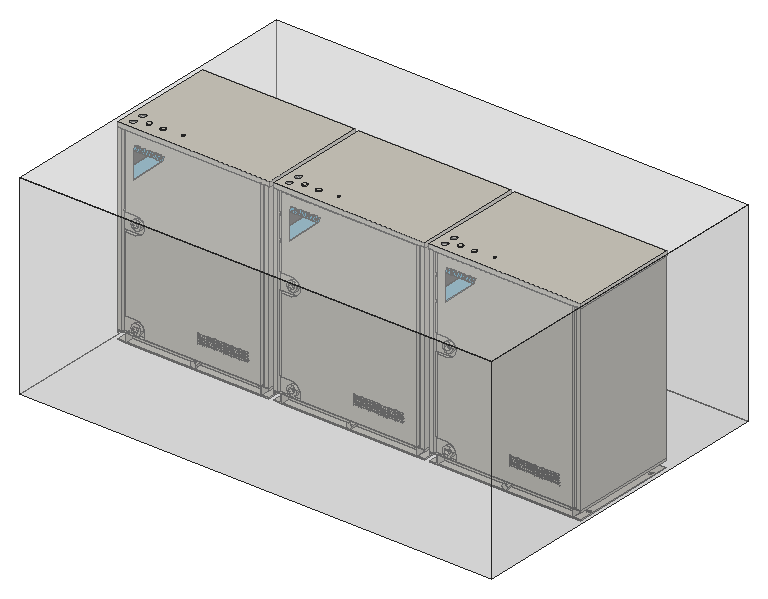
Revit family "outputfile", category 機械設備, Revit 2024
Family settings
  丸型コネクタ寸法 = 半径を使用
  種別 = なし
  パーツ タイプ = 標準
  OmniClass 番号 = 23.75.10.24.21.27.27
  OmniClass タイトル = Split System Air Conditioning Units
  作業面ベース = いいえ
  常に垂直 = はい
  ロード時にボイドで切り取り = いいえ
  注釈の向きを維持 = いいえ
  共有 = いいえ
  部屋計算ポイント = いいえ
Parameters (values of type "RWEYQ32TYM")
  製造元 = "Daikin"
  書き出し IFC クラス(タイプ) = "IfcUnitaryEquipmentType"
  定義済み IFC タイプ(タイプ) = "AIRCONDITIONINGUNIT"
  モデル = "RWEYQ32TYM"
  w_unit3 = 780.0 mm
  w_unit2 = 780.0 mm
  w_unit1 = 780.0 mm
  switch_unit3_6-8 [instance] = if(Reverse_ModuleSequence, if(default_unit1 = 1, 1 = 1, 1 = 0), if(default_unit3 = 1, 1 = 1, 1 = 0))  # no
  switch_unit3_12 [instance] = if(Reverse_ModuleSequence, if(default_unit1 = 3, 1 = 1, 1 = 0), if(default_unit3 = 3, 1 = 1, 1 = 0))  # no
  switch_unit3_10 [instance] = if(Reverse_ModuleSequence, if(default_unit1 = 2, 1 = 1, 1 = 0), if(default_unit3 = 2, 1 = 1, 1 = 0))  # yes
  switch_unit2_6-8 [instance] = if(default_unit2 = 1, 1 = 1, 1 = 0)  # no
  switch_unit2_12 [instance] = if(default_unit2 = 3, 1 = 1, 1 = 0)  # no
  switch_unit2_10 [instance] = if(default_unit2 = 2, 1 = 1, 1 = 0)  # yes
  switch_unit1_6-8 [instance] = if(Reverse_ModuleSequence, if(default_unit3 = 1, 1 = 1, 1 = 0), if(default_unit1 = 1, 1 = 1, 1 = 0))  # no
  switch_unit1_12 [instance] = if(Reverse_ModuleSequence, if(default_unit3 = 3, 1 = 1, 1 = 0), if(default_unit1 = 3, 1 = 1, 1 = 0))  # yes
  switch_unit1_10 [instance] = if(Reverse_ModuleSequence, if(default_unit3 = 2, 1 = 1, 1 = 0), if(default_unit1 = 2, 1 = 1, 1 = 0))  # no
  r_Water Outlet Pipe Connection_unit3 [instance] = Water Outlet Pipe Connection_Unit3 / 2  # 15.9 mm
  r_Water Outlet Pipe Connection_unit2 [instance] = Water Outlet Pipe Connection_Unit2 / 2  # 15.9 mm
  r_Water Outlet Pipe Connection_unit1 [instance] = Water Outlet Pipe Connection_Unit1 / 2  # 15.9 mm
  r_Water Inlet Pipe Connection_unit3 [instance] = Water Inlet Pipe Connection_Unit3 / 2  # 15.9 mm
  r_Water Inlet Pipe Connection_unit2 [instance] = Water Inlet Pipe Connection_Unit2 / 2  # 15.9 mm
  r_Water Inlet Pipe Connection_unit1 [instance] = Water Inlet Pipe Connection_Unit1 / 2  # 15.9 mm
  r_Drain Pipe Size = Drain Pipe Size / 2  # 6.35 mm
  lw_Water Outlet3 = 95.0 mm
  lw_Water Outlet2 = 95.0 mm
  lw_Water Outlet1 = 95.0 mm
  lw_Water Inlet3 = 95.0 mm
  lw_Water Inlet2 = 95.0 mm
  lw_Water Inlet1 = 95.0 mm
  lw_Drain3 = 390.0 mm
  lw_Drain2 = 390.0 mm
  lw_Drain1 = 390.0 mm
  default_Water Outlet Pipe Connection_Unit 3 = 31.8 mm
  default_Water Outlet Pipe Connection_Unit 2 = 31.8 mm
  default_Water Outlet Pipe Connection_Unit 1 = 31.8 mm
  default_Water Inlet Pipe Connection_Unit 3 = 31.8 mm
  default_Water Inlet Pipe Connection_Unit 2 = 31.8 mm
  default_Water Inlet Pipe Connection_Unit 1 = 31.8 mm
  angle_Drain [instance] = if(Rear Connection_Drain, 180.00°, 0.00°)  # 0.00°
  r_Liquid Pipe Size_unit3 [instance] = Liquid Pipe Size_Unit 3 / 2  # 4.75 mm
  r_Liquid Pipe Size_unit2 [instance] = Liquid Pipe Size_Unit 2 / 2  # 4.75 mm
  r_HP/LP Gas Pipe Size_unit3 [instance] = [HP/LP Gas Pipe Size_Unit 3] / 2  # 11.1 mm
  r_HP/LP Gas Pipe Size_unit2 [instance] = [HP/LP Gas Pipe Size_Unit 2] / 2  # 11.1 mm
  r_HP/LP Gas Pipe Size_unit1 [instance] = [HP/LP Gas Pipe Size_Unit 1] / 2  # 11.1 mm
  r_Gas Pipe Size_unit3 [instance] = Gas Pipe Size_Unit 3 / 2  # 11.1 mm
  r_Gas Pipe Size_unit2 [instance] = Gas Pipe Size_Unit 2 / 2  # 11.1 mm
  lw_powersupply3 = 51.0 mm
  lw_powersupply2 = 51.0 mm
  lw_liquidpipe3 = 274.0 mm
  lw_liquidpipe2 = 274.0 mm
  lw_gaspipe3 [instance] = if(Heat Pump, 107.0 mm, 178.0 mm)  # 107.0 mm
  lw_gaspipe2 [instance] = if(Heat Pump, 107.0 mm, 178.0 mm)  # 107.0 mm
  lw_HP/LP Gas Pipe3 [instance] = if(Heat Pump, 178.0 mm, 107.0 mm)  # 178.0 mm
  lw_HP/LP Gas Pipe2 [instance] = if(Heat Pump, 178.0 mm, 107.0 mm)  # 178.0 mm
  lw_HP/LP Gas Pipe1 [instance] = if(Heat Pump, 178.0 mm, 107.0 mm)  # 178.0 mm
  ld_HP/LP Gas Pipe = 69.0 mm
  h_mountinghole = [h_***] + 2.3 mm  # 2.3 mm
  r_Liquid Pipe Size_unit1 [instance] = Liquid Pipe Size_Unit 1 / 2  # 6.35 mm
  r_Gas Pipe Size_unit1 [instance] = Gas Pipe Size_Unit 1 / 2  # 11.1 mm
  distance_unit2-3 [instance] = 20.0 mm
  distance_unit1-2 [instance] = 20.0 mm
  default_unit3 = 2
  default_unit2 = 2
  default_unit1 = 3
  default_Model_Unit 3 = "RWEYQ10TYM"
  default_Model_Unit 2 = "RWEYQ10TYM"
  default_Model_Unit 1 = "RWEYQ12TYM"
  default_Liquid Pipe Size_Unit 3 = 9.5 mm
  default_Liquid Pipe Size_Unit 2 = 9.5 mm
  default_Liquid Pipe Size_Unit 1 = 12.7 mm
  default_HP/LP Gas Pipe Size_Unit 3 [instance] = if(and(Heat Pump, [switch_unit3_6-8]), 19.1 mm, if(and(Heat Pump, switch_unit3_10), 22.2 mm, if(and(Heat Pump, switch_unit3_12), 22.2 mm, if(and(Heat Recovery, [switch_unit3_6-8]), 15.9 mm, if(and(Heat Recovery, switch_unit3_10), 19.1 mm, if(and(Heat Recovery, switch_unit3_12), 19.1 mm, 19.1 mm))))))  # 22.2 mm
  default_HP/LP Gas Pipe Size_Unit 2 [instance] = if(and(Heat Pump, [switch_unit2_6-8]), 19.1 mm, if(and(Heat Pump, switch_unit2_10), 22.2 mm, if(and(Heat Pump, switch_unit2_12), 22.2 mm, if(and(Heat Recovery, [switch_unit2_6-8]), 15.9 mm, if(and(Heat Recovery, switch_unit2_10), 19.1 mm, if(and(Heat Recovery, switch_unit2_12), 19.1 mm, 19.1 mm))))))  # 22.2 mm
  default_HP/LP Gas Pipe Size_Unit 1 [instance] = if(and(Heat Pump, [switch_unit1_6-8]), 19.1 mm, if(and(Heat Pump, switch_unit1_10), 22.2 mm, if(and(Heat Pump, switch_unit1_12), 22.2 mm, if(and(Heat Recovery, [switch_unit1_6-8]), 15.9 mm, if(and(Heat Recovery, switch_unit1_10), 19.1 mm, if(and(Heat Recovery, switch_unit1_12), 19.1 mm, 19.1 mm))))))  # 22.2 mm
  default_Gas Pipe Size_Unit 3 = 22.2 mm
  default_Gas Pipe Size_Unit 2 = 22.2 mm
  default_Gas Pipe Size_Unit 1 = 22.2 mm
  Water Outlet Pipe Connection_Unit3 [instance] = if(Reverse_ModuleSequence, default_Water Outlet Pipe Connection_Unit 1, default_Water Outlet Pipe Connection_Unit 3)  # 31.8 mm
  Water Outlet Pipe Connection_Unit2 [instance] = if(Reverse_ModuleSequence, default_Water Inlet Pipe Connection_Unit 2, default_Water Inlet Pipe Connection_Unit 2)  # 31.8 mm
  Water Outlet Pipe Connection_Unit1 [instance] = if(Reverse_ModuleSequence, default_Water Outlet Pipe Connection_Unit 3, default_Water Outlet Pipe Connection_Unit 1)  # 31.8 mm
  Water Inlet Pipe Connection_Unit3 [instance] = if(Reverse_ModuleSequence, default_Water Inlet Pipe Connection_Unit 1, default_Water Inlet Pipe Connection_Unit 3)  # 31.8 mm
  Water Inlet Pipe Connection_Unit2 [instance] = if(Reverse_ModuleSequence, default_Water Outlet Pipe Connection_Unit 2, default_Water Outlet Pipe Connection_Unit 2)  # 31.8 mm
  Water Inlet Pipe Connection_Unit1 [instance] = if(Reverse_ModuleSequence, default_Water Inlet Pipe Connection_Unit 3, default_Water Inlet Pipe Connection_Unit 1)  # 31.8 mm
  Voltage_comment_60Hz = "380"
  Voltage_comment_50Hz = "380-415"
  Voltage_60Hz = 380 V
  Voltage_50Hz = 400 V
  Top Connection_powersupply2 [instance] = not(Top Connection_powersupply1)  # no
  Sound Power Level (dB) = 77
  Reverse_ModuleSequence [instance] = no
  Rear Connection_Drain [instance] = not(Front Connection_Drain)  # no
  Power Input (Heating) = 19.100 kW
  Phase_60Hz = 3
  Phase_50Hz = 3
  Nominal Heating Capacity = 101.000 kW
  Model_Unit 3 [instance] = if(Reverse_ModuleSequence, default_Model_Unit 1, default_Model_Unit 3)  # "RWEYQ10TYM"
  Model_Unit 2 [instance] = if(Reverse_ModuleSequence, default_Model_Unit 2, default_Model_Unit 2)  # "RWEYQ10TYM"
  Model_Unit 1 [instance] = if(Reverse_ModuleSequence, default_Model_Unit 3, default_Model_Unit 1)  # "RWEYQ12TYM"
  Minimum Circuit Amps_60Hz = 40.9 A
  Minimum Circuit Amps_50Hz = 40.9 A
  Maximum Fuse Amps_60Hz = 45.0 A
  Maximum Fuse Amps_50Hz = 45.0 A
  Material_Heat Exchanger = DAIKIN_Blue_HE_outdoorunit
  Material_Casing = DAIKIN_IvoryWhite_Casing_outdoorunit
  lw_powersupply1 = 51.0 mm
  lw_liquidpipe1 = 274.0 mm
  lw_gaspipe1 [instance] = if(Heat Pump, 107.0 mm, 178.0 mm)  # 107.0 mm
  lh_powersupply = 940.0 mm
  ld_powersupply [instance] = if(Top Connection_powersupply1, 38.0 mm, 98.0 mm)  # 38.0 mm
  ld_liquidpipe = 79.0 mm
  ld_gaspipe = 69.0 mm
  h_*** = 0.0 mm
  Width [instance] = [distance_unit1-2] + [distance_unit2-3] + w_unit1 + w_unit2 + w_unit3  # 2380.0 mm
  Version = "ver.1.0"
  Unit Type = ""
  Unit Mass Weight = 441.00 kg
  Unit Designation [instance] = ""
  Uniclass2015Version = "Products v1.30"
  Uniclass2015Title = "Variable refrigerant flow units"
  Uniclass2015Code = "Pr_70_65_03_94"
  Total Cooling Capacity [instance] = 0.000 kW
  Sound Pressure Level (dBA) = 57
  Series = "VRV Heat Recovery"
  Refrigerant_Base Charge = 12.600 kg
  Refrigerant_Additional Charge [instance] = 0.000 kg
  Refrigerant Type = "R410A"
  Power Input (Cooling) = 18.200 kW
  Option Accessory 3 [instance] = ""
  Option Accessory 2 [instance] = ""
  Option Accessory 1 [instance] = ""
  Nominal Cooling Capacity = 89.500 kW
  Load Classification = HVAC
  Liquid Pipe Size_Unit 3 [instance] = if(Reverse_ModuleSequence, default_Liquid Pipe Size_Unit 1, default_Liquid Pipe Size_Unit 3)  # 9.5 mm
  Liquid Pipe Size_Unit 2 [instance] = if(Reverse_ModuleSequence, default_Liquid Pipe Size_Unit 2, default_Liquid Pipe Size_Unit 2)  # 9.5 mm
  Liquid Pipe Size_Unit 1 [instance] = if(Reverse_ModuleSequence, default_Liquid Pipe Size_Unit 3, default_Liquid Pipe Size_Unit 1)  # 12.7 mm
  Link_Nested Family [instance] = ""
  Intermediate Liquid Pipe Size_Unit1-2 = 15.9 mm
  Intermediate HP/LP Gas Pipe Size_Unit1-2 = 22.2 mm
  Intermediate Gas Pipe Size_Unit1-2 = 28.6 mm
  IfcVersion = ""
  IfcExportType = "AIRCONDITIONINGUNIT"
  IfcExportAs = "IfcUnitaryEquipmentType"
  Height = 1000.0 mm
  Heat Recovery [instance] = not(Heat Pump)  # no
  Heat Pump [instance] = yes
  Heat Exchanger Type = "Stainless Steel Plate"
  HP/LP Gas Pipe Size_Unit 3 [instance] = [default_HP/LP Gas Pipe Size_Unit 3]  # 22.2 mm
  HP/LP Gas Pipe Size_Unit 2 [instance] = [default_HP/LP Gas Pipe Size_Unit 2]  # 22.2 mm
  HP/LP Gas Pipe Size_Unit 1 [instance] = [default_HP/LP Gas Pipe Size_Unit 1]  # 22.2 mm
  Gas Pipe Size_Unit 3 [instance] = if(Reverse_ModuleSequence, default_Gas Pipe Size_Unit 1, default_Gas Pipe Size_Unit 3)  # 22.2 mm
  Gas Pipe Size_Unit 2 [instance] = if(Reverse_ModuleSequence, default_Gas Pipe Size_Unit 2, default_Gas Pipe Size_Unit 2)  # 22.2 mm
  Gas Pipe Size_Unit 1 [instance] = if(Reverse_ModuleSequence, default_Gas Pipe Size_Unit 3, default_Gas Pipe Size_Unit 1)  # 22.2 mm
  Top Connection_powersupply1 [instance] = yes
  Front Connection_Drain [instance] = yes
  Frequency_60Hz = 60 Hz
  Frequency_50Hz = 50 Hz
  Drain Pipe Size = 12.7 mm
  Depth = 550.0 mm
  既定の高さ = 0.0 mm
  Cooling Ambient Wet Bulb Temperature [instance] = 0.00 °C
  Cooling Ambient Dry Bulb Temperature [instance] = 0.00 °C
  Compressor Type = "Hermetically Sealed Scroll Type"
  Clearance visibility [instance] = yes
  Clearance Top = 0.0 mm
  Clearance Right = 20.0 mm
  Clearance Rear = 500.0 mm
  Clearance Left = 20.0 mm
  Clearance Front = 600.0 mm
  Clearance Bottom = 0.0 mm
  CU Tag No. [instance] = ""
Reference planes
  plane 1 "Center (Front/Back)": y = 0
  plane 2 "h_***": z = 0
  plane 3 "Center (Left/Right)": x = 0
  plane 4 "Back": y = 275
  plane 5 "Front": y = -275
  plane 6 "Left": x = -390
  plane 7 "w_unit1": x = 390
  plane 8 "Top": z = 1000
  plane 9 "Clearance Rear": y = 775
  plane 10 "Clearance Front": y = -875
  plane 11 "Clearance Left": x = -410
  plane 12 "Clearance Right": x = 2010
  plane 13 "Clearance Top": z = 1000
  plane 14 "Clearance Bottom": z = 0
  plane 15 "Bottom": z = 0
  plane 16 "lw_powersupply1": x = -339
  plane 17 "ld_powersupply": y = -237
  plane 18 "lw_liquidpipe1": x = -116
  plane 19 "Rear Connection_refrigetant": y = -196
  plane 20 "lw_gaspipe1": x = -283
  plane 21 "ld_gaspipe": y = -206
  plane 22 "lh_logo": z = 900
  plane 23 "lw_logo": x = 100
  plane 24 "lh_powersupply": z = 940
  plane 25 "lw_HP/LP Gas Pipe1": x = -212
  plane 26 "ld_HP/LP Gas Pipe": y = -206
  plane 27 "l_unit2": x = 410
  plane 28 "w_unit2": x = 1190
  plane 29 "lw_powersupply2": x = 461
  plane 30 "lw_liquidpipe2": x = 684
  plane 31 "lw_gaspipe2": x = 517
  plane 32 "lw_HP/LP Gas Pipe2": x = 588
  plane 33 "Right": x = 1990
  plane 34 "叴": x = 1210
  plane 35 "叵": x = 1261
  plane 36 "叶": x = 1484
  plane 37 "号": x = 1317
  plane 38 "司": x = 1388
  plane 39 "lw_Water Inlet1": x = -295
  plane 40 "lw_Water Inlet2": x = 505
  plane 41 "lw_Water Inlet3": x = 1305
  plane 42 "lw_Water Outlet1": x = -295
  plane 43 "lw_Water Outlet2": x = 505
  plane 44 "lw_Water Outlet3": x = 1305
  plane 45 "lw_Drain1": x = 0
  plane 46 "lw_Drain2": x = 800
  plane 47 "lw_Drain3": x = 1600
Dimensions and locks
  equal spacing: plane 4 "Back", plane 1 "Center (Front/Back)", plane 5 "Front"
  "Depth": plane 4 "Back" to plane 5 "Front"
  equal spacing: plane 6 "Left", plane 3 "Center (Left/Right)", plane 7 "w_unit1"
  "w_unit1": plane 6 "Left" to plane 7 "w_unit1"
  "Clearance Rear": plane 9 "Clearance Rear" to plane 4 "Back"
  "Clearance Front": plane 10 "Clearance Front" to plane 5 "Front"
  "Clearance Left": plane 11 "Clearance Left" to plane 6 "Left"
  "Clearance Top": plane 13 "Clearance Top" to plane 8 "Top"
  "h_***": plane 15 "Bottom" to plane 2 "h_***"
  "Height": plane 8 "Top" to plane 15 "Bottom"
  "Clearance Bottom": plane 15 "Bottom" to plane 14 "Clearance Bottom"
  "ld_powersupply": plane 17 "ld_powersupply" to plane 5 "Front"
  "ld_liquidpipe": plane 19 "Rear Connection_refrigetant" to plane 5 "Front"
  "ld_gaspipe": plane 21 "ld_gaspipe" to plane 5 "Front"
  locked: plane 23 "lw_logo" to plane 7 "w_unit1" at 290
  locked: plane 22 "lh_logo" to plane 15 "Bottom" at 900
  "lw_gaspipe1": plane 6 "Left" to plane 20 "lw_gaspipe1"
  "lw_liquidpipe1": plane 6 "Left" to plane 18 "lw_liquidpipe1"
  "lw_powersupply1": plane 6 "Left" to plane 16 "lw_powersupply1"
  "lh_powersupply": plane 24 "lh_powersupply" to plane 15 "Bottom"
  "lw_HP/LP Gas Pipe1": plane 6 "Left" to plane 25 "lw_HP/LP Gas Pipe1"
  "ld_HP/LP Gas Pipe": plane 26 "ld_HP/LP Gas Pipe" to plane 5 "Front"
  "distance_unit1-2": plane 7 "w_unit1" to plane 27 "l_unit2"
  "lw_powersupply2": plane 27 "l_unit2" to plane 29 "lw_powersupply2"
  "lw_HP/LP Gas Pipe2": plane 27 "l_unit2" to plane 32 "lw_HP/LP Gas Pipe2"
  "lw_gaspipe2": plane 27 "l_unit2" to plane 31 "lw_gaspipe2"
  "lw_liquidpipe2": plane 27 "l_unit2" to plane 30 "lw_liquidpipe2"
  "w_unit2": plane 27 "l_unit2" to plane 28 "w_unit2"
  "distance_unit2-3": plane 28 "w_unit2" to plane 34 "叴"
  "Width": plane 6 "Left" to plane 33 "Right"
  "Clearance Right": plane 33 "Right" to plane 12 "Clearance Right"
  "lw_powersupply3": plane 34 "叴" to plane 35 "叵"
  "lw_HP/LP Gas Pipe3": plane 34 "叴" to plane 38 "司"
  "lw_gaspipe3": plane 34 "叴" to plane 37 "号"
  "lw_liquidpipe3": plane 34 "叴" to plane 36 "叶"
  "lw_Water Inlet1": plane 6 "Left" to plane 39 "lw_Water Inlet1"
  "lw_Water Inlet2": plane 27 "l_unit2" to plane 40 "lw_Water Inlet2"
  "lw_Water Inlet3": plane 34 "叴" to plane 41 "lw_Water Inlet3"
  "lw_Water Outlet1": plane 6 "Left" to plane 42 "lw_Water Outlet1"
  "lw_Water Outlet2": plane 27 "l_unit2" to plane 43 "lw_Water Outlet2"
  "lw_Water Outlet3": plane 34 "叴" to plane 44 "lw_Water Outlet3"
  "lw_Drain1": plane 6 "Left" to plane 45 "lw_Drain1"
  "lw_Drain2": plane 27 "l_unit2" to plane 46 "lw_Drain2"
  "lw_Drain3": plane 34 "叴" to plane 47 "lw_Drain3"
  aligned and locked: level to plane 2 "h_***"
  aligned and locked: nested 2 to plane 9 "Clearance Rear"
  aligned and locked: nested 2 to plane 10 "Clearance Front"
  aligned and locked: plane 11 "Clearance Left" to nested 2
  aligned and locked: plane 12 "Clearance Right" to nested 2
  aligned and locked: nested 2 to plane 13 "Clearance Top"
  aligned and locked: nested 2 to plane 14 "Clearance Bottom"
  aligned and locked: plane 8 "Top" to nested 1
  aligned and locked: plane 22 "lh_logo" to nested 7
  aligned and locked: nested 8 to plane 16 "lw_powersupply1"
  aligned and locked: nested 9 to plane 20 "lw_gaspipe1"
  aligned and locked: nested 10 to plane 18 "lw_liquidpipe1"
  aligned and locked: nested 10 to plane 19 "Rear Connection_refrigetant"
  aligned and locked: nested 9 to plane 21 "ld_gaspipe"
  aligned and locked: nested 8 to plane 17 "ld_powersupply"
  aligned and locked: plane 5 "Front" to nested 7
  aligned and locked: plane 24 "lh_powersupply" to nested 8
  aligned and locked: plane 27 "l_unit2" to nested 11
  aligned and locked: nested 17 to plane 29 "lw_powersupply2"
  aligned and locked: nested 17 to plane 17 "ld_powersupply"
  aligned and locked: nested 18 to plane 31 "lw_gaspipe2"
  aligned and locked: nested 18 to plane 26 "ld_HP/LP Gas Pipe"
  aligned and locked: plane 1 "Center (Front/Back)" to nested 20
  aligned and locked: plane 34 "叴" to nested 20
  aligned and locked: nested 27 to plane 35 "叵"
  aligned and locked: nested 28 to plane 37 "号"
  aligned and locked: nested 26 to plane 36 "叶"
  aligned and locked: plane 17 "ld_powersupply" to nested 27
  aligned and locked: plane 21 "ld_gaspipe" to nested 28
  aligned and locked: plane 19 "Rear Connection_refrigetant" to nested 26
  aligned and locked: nested 27 to plane 24 "lh_powersupply"
  aligned and locked: plane 1 "Center (Front/Back)" to nested 29
  aligned and locked: plane 1 "Center (Front/Back)" to nested 30
  aligned and locked: plane 1 "Center (Front/Back)" to nested 31
  aligned and locked: plane 1 "Center (Front/Back)" to nested 32
  aligned and locked: plane 1 "Center (Front/Back)" to nested 33
  aligned and locked: plane 1 "Center (Front/Back)" to nested 34
  aligned and locked: plane 1 "Center (Front/Back)" to nested 35
  aligned and locked: plane 1 "Center (Front/Back)" to nested 36
  aligned and locked: plane 1 "Center (Front/Back)" to nested 37
  aligned and locked: plane 39 "lw_Water Inlet1" to nested 29
  aligned and locked: plane 40 "lw_Water Inlet2" to nested 30
  aligned and locked: plane 41 "lw_Water Inlet3" to nested 31
  aligned and locked: plane 42 "lw_Water Outlet1" to nested 32
  aligned and locked: plane 43 "lw_Water Outlet2" to nested 33
  aligned and locked: plane 44 "lw_Water Outlet3" to nested 34
  aligned and locked: plane 45 "lw_Drain1" to nested 35
  aligned and locked: plane 46 "lw_Drain2" to nested 36
  aligned and locked: plane 47 "lw_Drain3" to nested 37
  aligned and locked: plane 25 "lw_HP/LP Gas Pipe1" to nested 38
  aligned and locked: plane 32 "lw_HP/LP Gas Pipe2" to nested 39
  aligned and locked: plane 38 "司" to nested 40
  aligned and locked: nested 38 to plane 26 "ld_HP/LP Gas Pipe"
  aligned and locked: nested 39 to plane 26 "ld_HP/LP Gas Pipe"
  aligned and locked: plane 26 "ld_HP/LP Gas Pipe" to nested 40
Nested families
  nested 1: "DAIKIN_outdoorunit_RWEYQ-TYM" at (-31, 0, 0), h_*** <- "h_***", Link_Nest <- "Link_Nested Family", h_mountinghole <- "h_mountinghole", Width <- "w_unit1", switch_unit1_6-8 <- "switch_unit1_6-8", switch_unit1_10 <- "switch_unit1_10", switch_unit1_12 <- "switch_unit1_12", type "RWEYQ-TYM"
    with switch_unit1_6-8 no, switch_unit1_12 yes, switch_unit1_10 no, show_fixedhole yes, h_mountinghole 2.3 mm, h_antenna_mountinghole 998.7 mm, h_*** 0.0 mm, array_bolt 5, Width 780.0 mm, Liquid Pipe Size_Unit 1 12.7 mm, Link_Nest "", HP/LP Pipe Size_Unit 1 22.2 mm, Gas Pipe Size_Unit 1 22.2 mm, Heat Recovery no, Heat Pump yes, HP/LP Pipe Size_Unit 1_L 178.0 mm, Gas Pipe Size_Unit 1_L 107.0 mm
  nested 2: "daikin_clearancespace" at (800, -50, 500.119), visible <- "Clearance visibility", show <- "Clearance visibility", Link_Nested Family <- "Link_Nested Family", type "daikin_clearancespace"
    with width 2420.0 mm, show yes, height 1000.0 mm, depth 1650.0 mm, Link_Nested Family ""
  nested 3: "daikin_mountinghole" at (-372, 200, 0), type "daikin_mountinghole"
    with show yes, l_antenna 998.7 mm, h_mountinghole 2.3 mm, Link_Nested Family ""
  nested 4: "daikin_mountinghole" at (372, 200, 0), type "daikin_mountinghole"
    with show yes, l_antenna 998.7 mm, h_mountinghole 2.3 mm, Link_Nested Family ""
  nested 5: "daikin_mountinghole" at (-372, -200, 0), type "daikin_mountinghole"
    with show yes, l_antenna 998.7 mm, h_mountinghole 2.3 mm, Link_Nested Family ""
  nested 6: "daikin_mountinghole" at (372, -200, 0), type "daikin_mountinghole"
    with show yes, l_antenna 998.7 mm, h_mountinghole 2.3 mm, Link_Nested Family ""
  nested 7: "daikin_logo_elevation_w150" at (-212.5, -275, 744.568), type "daikin_logo_elevation_w150"
    with show_logo yes
  nested 8: "daikin_connector_rotate3" at (-339, -237, 940) x (-1, 0, 0) z (0, 0, -1), type "daikin_connector_rotate3"
    with show no, radius 10.0 mm, length 60.0 mm, angle_vertical 0.00°, angle_horizontal 0.00°
  nested 9: "daikin_connector_rotate3" at (-283, -206, 940) x (-1, 0, 0) z (0, 0, -1), radius <- "r_Gas Pipe Size_unit1", type "daikin_connector_rotate3"
    with show no, radius 11.1 mm, length 60.0 mm, angle_vertical 0.00°, angle_horizontal 0.00°
  nested 10: "daikin_connector_rotate3" at (-116, -196, 940) x (-1, 0, 0) z (0, 0, -1), radius <- "r_Liquid Pipe Size_unit1", type "daikin_connector_rotate3"
    with show no, radius 6.35 mm, length 60.0 mm, angle_vertical 0.00°, angle_horizontal 0.00°
  nested 11: "DAIKIN_outdoorunit_RWEYQ-TYM" at (769, 0, 0), Width <- "w_unit2", switch_unit1_6-8 <- "switch_unit2_6-8", switch_unit1_10 <- "switch_unit2_10", switch_unit1_12 <- "switch_unit2_12", type "RWEYQ-TYM"
    with switch_unit1_6-8 no, switch_unit1_12 no, switch_unit1_10 yes, show_fixedhole yes, h_mountinghole 2.3 mm, h_antenna_mountinghole 998.7 mm, h_*** 0.0 mm, array_bolt 5, Width 780.0 mm, Liquid Pipe Size_Unit 1 9.5 mm, Link_Nest "", HP/LP Pipe Size_Unit 1 22.2 mm, Gas Pipe Size_Unit 1 22.2 mm, Heat Recovery no, Heat Pump yes, HP/LP Pipe Size_Unit 1_L 178.0 mm, Gas Pipe Size_Unit 1_L 107.0 mm
  nested 12: "daikin_mountinghole" at (428, 200, 0), type "daikin_mountinghole"
    with show yes, l_antenna 998.7 mm, h_mountinghole 2.3 mm, Link_Nested Family ""
  nested 13: "daikin_mountinghole" at (1172, 200, 0), type "daikin_mountinghole"
    with show yes, l_antenna 998.7 mm, h_mountinghole 2.3 mm, Link_Nested Family ""
  nested 14: "daikin_mountinghole" at (428, -200, 0), type "daikin_mountinghole"
    with show yes, l_antenna 998.7 mm, h_mountinghole 2.3 mm, Link_Nested Family ""
  nested 15: "daikin_mountinghole" at (1172, -200, 0), type "daikin_mountinghole"
    with show yes, l_antenna 998.7 mm, h_mountinghole 2.3 mm, Link_Nested Family ""
  nested 16: "daikin_connector_rotate3" at (684, -196, 940) x (-1, 0, 0) z (0, 0, -1), radius <- "r_Liquid Pipe Size_unit2", type "daikin_connector_rotate3"
    with show no, radius 4.75 mm, length 60.0 mm, angle_vertical 0.00°, angle_horizontal 0.00°
  nested 17: "daikin_connector_rotate3" at (461, -237, 940) x (-1, 0, 0) z (0, 0, -1), type "daikin_connector_rotate3"
    with show no, radius 10.0 mm, length 60.0 mm, angle_vertical 0.00°, angle_horizontal 0.00°
  nested 18: "daikin_connector_rotate3" at (517, -206, 940) x (-1, 0, 0) z (0, 0, -1), radius <- "r_Gas Pipe Size_unit2", type "daikin_connector_rotate3"
    with show no, radius 11.1 mm, length 60.0 mm, angle_vertical 0.00°, angle_horizontal 0.00°
  nested 19: "daikin_logo_elevation_w150" at (587.5, -275, 744.568), type "daikin_logo_elevation_w150"
    with show_logo yes
  nested 20: "DAIKIN_outdoorunit_RWEYQ-TYM" at (1569, 0, 0), switch_unit1_6-8 <- "switch_unit3_6-8", switch_unit1_10 <- "switch_unit3_10", switch_unit1_12 <- "switch_unit3_12", Width <- "w_unit3", type "RWEYQ-TYM"
    with switch_unit1_6-8 no, switch_unit1_12 no, switch_unit1_10 yes, show_fixedhole yes, h_mountinghole 2.3 mm, h_antenna_mountinghole 998.7 mm, h_*** 0.0 mm, array_bolt 5, Width 780.0 mm, Liquid Pipe Size_Unit 1 9.5 mm, Link_Nest "", HP/LP Pipe Size_Unit 1 22.2 mm, Gas Pipe Size_Unit 1 22.2 mm, Heat Recovery no, Heat Pump yes, HP/LP Pipe Size_Unit 1_L 178.0 mm, Gas Pipe Size_Unit 1_L 107.0 mm
  nested 21: "daikin_mountinghole" at (1228, 200, 0), type "daikin_mountinghole"
    with show yes, l_antenna 998.7 mm, h_mountinghole 2.3 mm, Link_Nested Family ""
  nested 22: "daikin_mountinghole" at (1972, 200, 0), type "daikin_mountinghole"
    with show yes, l_antenna 998.7 mm, h_mountinghole 2.3 mm, Link_Nested Family ""
  nested 23: "daikin_mountinghole" at (1228, -200, 0), type "daikin_mountinghole"
    with show yes, l_antenna 998.7 mm, h_mountinghole 2.3 mm, Link_Nested Family ""
  nested 24: "daikin_mountinghole" at (1972, -200, 0), type "daikin_mountinghole"
    with show yes, l_antenna 998.7 mm, h_mountinghole 2.3 mm, Link_Nested Family ""
  nested 25: "daikin_logo_elevation_w150" at (1387.5, -275, 744.568), type "daikin_logo_elevation_w150"
    with show_logo yes
  nested 26: "daikin_connector_rotate3" at (1484, -196, 940) x (-1, 0, 0) z (0, 0, -1), radius <- "r_Liquid Pipe Size_unit3", type "daikin_connector_rotate3"
    with show no, radius 4.75 mm, length 60.0 mm, angle_vertical 0.00°, angle_horizontal 0.00°
  nested 27: "daikin_connector_rotate3" at (1261, -237, 940) x (-1, 0, 0) z (0, 0, -1), type "daikin_connector_rotate3"
    with show no, radius 10.0 mm, length 60.0 mm, angle_vertical 0.00°, angle_horizontal 0.00°
  nested 28: "daikin_connector_rotate3" at (1317, -206, 940) x (-1, 0, 0) z (0, 0, -1), radius <- "r_Gas Pipe Size_unit3", type "daikin_connector_rotate3"
    with show no, radius 11.1 mm, length 60.0 mm, angle_vertical 0.00°, angle_horizontal 0.00°
  nested 29: "daikin_connector_rotate3" at (-295, 0, 76), radius <- "r_Water Inlet Pipe Connection_unit1", type "daikin_connector_rotate3"
    with show no, radius 15.9 mm, length 275.0 mm, angle_vertical 90.00°, angle_horizontal 0.00°
  nested 30: "daikin_connector_rotate3" at (505, 0, 76), radius <- "r_Water Inlet Pipe Connection_unit2", type "daikin_connector_rotate3"
    with show no, radius 15.9 mm, length 275.0 mm, angle_vertical 90.00°, angle_horizontal 0.00°
  nested 31: "daikin_connector_rotate3" at (1305, 0, 76), radius <- "r_Water Inlet Pipe Connection_unit3", type "daikin_connector_rotate3"
    with show no, radius 15.9 mm, length 275.0 mm, angle_vertical 90.00°, angle_horizontal 0.00°
  nested 32: "daikin_connector_rotate3" at (-295, 0, 556), radius <- "r_Water Outlet Pipe Connection_unit1", type "daikin_connector_rotate3"
    with show no, radius 15.9 mm, length 275.0 mm, angle_vertical 90.00°, angle_horizontal 0.00°
  nested 33: "daikin_connector_rotate3" at (505, 0, 556), radius <- "r_Water Outlet Pipe Connection_unit2", type "daikin_connector_rotate3"
    with show no, radius 15.9 mm, length 275.0 mm, angle_vertical 90.00°, angle_horizontal 0.00°
  nested 34: "daikin_connector_rotate3" at (1305, 0, 556), radius <- "r_Water Outlet Pipe Connection_unit3", type "daikin_connector_rotate3"
    with show no, radius 15.9 mm, length 275.0 mm, angle_vertical 90.00°, angle_horizontal 0.00°
  nested 35: "daikin_connector_rotate3" at (0, 0, 19), angle_horizontal <- "angle_Drain", radius <- "r_Drain Pipe Size", type "daikin_connector_rotate3"
    with show no, radius 6.35 mm, length 275.0 mm, angle_vertical 90.00°, angle_horizontal 0.00°
  nested 36: "daikin_connector_rotate3" at (800, 0, 19), angle_horizontal <- "angle_Drain", radius <- "r_Drain Pipe Size", type "daikin_connector_rotate3"
    with show no, radius 6.35 mm, length 275.0 mm, angle_vertical 90.00°, angle_horizontal 0.00°
  nested 37: "daikin_connector_rotate3" at (1600, 0, 19), angle_horizontal <- "angle_Drain", radius <- "r_Drain Pipe Size", type "daikin_connector_rotate3"
    with show no, radius 6.35 mm, length 275.0 mm, angle_vertical 90.00°, angle_horizontal 0.00°
  nested 38: "daikin_connector_rotate3" at (-212, -206, 940) x (1, 0, 0) z (0, 0, -1), radius <- "r_HP/LP Gas Pipe Size_unit1", type "daikin_connector_rotate3"
    with show no, radius 11.1 mm, length 60.0 mm, angle_vertical 0.00°, angle_horizontal 0.00°
  nested 39: "daikin_connector_rotate3" at (588, -206, 940) x (1, 0, 0) z (0, 0, -1), radius <- "r_HP/LP Gas Pipe Size_unit2", type "daikin_connector_rotate3"
    with show no, radius 11.1 mm, length 60.0 mm, angle_vertical 0.00°, angle_horizontal 0.00°
  nested 40: "daikin_connector_rotate3" at (1388, -206, 940) x (1, 0, 0) z (0, 0, -1), radius <- "r_HP/LP Gas Pipe Size_unit3", type "daikin_connector_rotate3"
    with show no, radius 11.1 mm, length 60.0 mm, angle_vertical 0.00°, angle_horizontal 0.00°
Connectors
  piping at (-116, -196, 1000), diameter 12.7, driven by "r_Liquid Pipe Size_unit1"
    settings: on nested 10, index 12, connector inside diameter 609.6 mm, connector length 0.0 mm, flow factor 0, pipe flow 0.00 m³/h, pressure drop 0.0 Pa, fitting loss kfactor 0, connector angle 0.00°, fixture units 0, engagement length 0.0 mm, angle of deflection 0.00°, flow configuration 0, flow direction 2, fitting loss method 0, system type 29, joint type 0, gender type 0, connector reference index -1, connector utility 0, adjustable connector no, is connector primary no, connector description "Refrigerant Liquid Piping1"
  electrical at (-339, -237, 1000), driven by "Load Classification"
    settings: on nested 8, index 13, voltage 0 V, apparent load 0 VA, apparent load phase1 0 VA, apparent load phase2 0 VA, apparent load phase3 0 VA, power factor 1, load classification "HVAC", number of poles 1, system type 30, power factor state 1, is connector primary yes, connector utility no, sub classification motor no, connector description "Power Supply1"
  piping at (684, -196, 1000), diameter 9.5, driven by "r_Liquid Pipe Size_unit2"
    settings: on nested 16, index 15, connector inside diameter 609.6 mm, connector length 0.0 mm, flow factor 0, pipe flow 0.00 m³/h, pressure drop 0.0 Pa, fitting loss kfactor 0, connector angle 0.00°, fixture units 0, engagement length 0.0 mm, angle of deflection 0.00°, flow configuration 0, flow direction 2, fitting loss method 0, system type 29, joint type 0, gender type 0, connector reference index -1, connector utility 0, adjustable connector no, is connector primary no, connector description "Refrigerant Liquid Piping2"
  electrical at (461, -237, 1000), driven by "Load Classification"
    settings: on nested 17, index 17, voltage 0 V, apparent load 0 VA, apparent load phase1 0 VA, apparent load phase2 0 VA, apparent load phase3 0 VA, power factor 1, load classification "HVAC", number of poles 1, system type 30, power factor state 1, is connector primary no, connector utility no, sub classification motor no, connector description "Power Supply2"
  piping at (1484, -196, 1000), diameter 9.5, driven by "r_Liquid Pipe Size_unit3"
    settings: on nested 26, index 19, connector inside diameter 609.6 mm, connector length 0.0 mm, flow factor 0, pipe flow 0.00 m³/h, pressure drop 0.0 Pa, fitting loss kfactor 0, connector angle 0.00°, fixture units 0, engagement length 0.0 mm, angle of deflection 0.00°, flow configuration 0, flow direction 2, fitting loss method 0, system type 29, joint type 0, gender type 0, connector reference index -1, connector utility 0, adjustable connector no, is connector primary no, connector description "Refrigerant Liquid Piping3"
  electrical at (1261, -237, 1000), driven by "Load Classification"
    settings: on nested 27, index 21, voltage 0 V, apparent load 0 VA, apparent load phase1 0 VA, apparent load phase2 0 VA, apparent load phase3 0 VA, power factor 1, load classification "HVAC", number of poles 1, system type 30, power factor state 1, is connector primary no, connector utility no, sub classification motor no, connector description "Power Supply3"
  piping at (-295, -275, 556), diameter 31.8, driven by "r_Water Outlet Pipe Connection_unit1"
    settings: on nested 32, index 24, connector inside diameter 609.6 mm, connector length 0.0 mm, flow factor 0, pipe flow 0.00 m³/h, pressure drop 0.0 Pa, fitting loss kfactor 0, connector angle 0.00°, fixture units 0, engagement length 0.0 mm, angle of deflection 0.00°, flow configuration 1, flow direction 2, fitting loss method 0, system type 8, joint type 0, gender type 0, connector reference index -1, connector utility 0, adjustable connector no, is connector primary no, connector description "Cooling Water Outlet Piping 1"
  piping at (-295, -275, 76), diameter 31.8, driven by "r_Water Inlet Pipe Connection_unit1"
    settings: on nested 29, index 25, connector inside diameter 609.6 mm, connector length 0.0 mm, flow factor 0, pipe flow 0.00 m³/h, pressure drop 0.0 Pa, fitting loss kfactor 0, connector angle 0.00°, fixture units 0, engagement length 0.0 mm, angle of deflection 0.00°, flow configuration 1, flow direction 1, fitting loss method 0, system type 7, joint type 0, gender type 0, connector reference index -1, connector utility 0, adjustable connector no, is connector primary no, connector description "Cooling Water Inlet  Piping 1"
  piping at (0, -275, 19), diameter 12.7, driven by "r_Drain Pipe Size"
    settings: on nested 35, index 26, connector inside diameter 609.6 mm, connector length 0.0 mm, flow factor 0, pipe flow 0.00 m³/h, pressure drop 0.0 Pa, fitting loss kfactor 0, connector angle 0.00°, fixture units 0, engagement length 0.0 mm, angle of deflection 0.00°, flow configuration 1, flow direction 2, fitting loss method 4, system type 16, joint type 0, gender type 0, connector reference index -1, connector utility 0, adjustable connector no, is connector primary no, connector description "Condensate Drain Piping 1"
  piping at (505, -275, 556), diameter 31.8, driven by "r_Water Outlet Pipe Connection_unit2"
    settings: on nested 33, index 27, connector inside diameter 609.6 mm, connector length 0.0 mm, flow factor 0, pipe flow 0.00 m³/h, pressure drop 0.0 Pa, fitting loss kfactor 0, connector angle 0.00°, fixture units 0, engagement length 0.0 mm, angle of deflection 0.00°, flow configuration 1, flow direction 2, fitting loss method 0, system type 8, joint type 0, gender type 0, connector reference index -1, connector utility 0, adjustable connector no, is connector primary no, connector description "Cooling Water Outlet Piping 2"
  piping at (505, -275, 76), diameter 31.8, driven by "r_Water Inlet Pipe Connection_unit2"
    settings: on nested 30, index 28, connector inside diameter 609.6 mm, connector length 0.0 mm, flow factor 0, pipe flow 0.00 m³/h, pressure drop 0.0 Pa, fitting loss kfactor 0, connector angle 0.00°, fixture units 0, engagement length 0.0 mm, angle of deflection 0.00°, flow configuration 1, flow direction 1, fitting loss method 0, system type 7, joint type 0, gender type 0, connector reference index -1, connector utility 0, adjustable connector no, is connector primary no, connector description "Cooling Water Inlet  Piping 2"
  piping at (800, -275, 19), diameter 12.7, driven by "r_Drain Pipe Size"
    settings: on nested 36, index 29, connector inside diameter 609.6 mm, connector length 0.0 mm, flow factor 0, pipe flow 0.00 m³/h, pressure drop 0.0 Pa, fitting loss kfactor 0, connector angle 0.00°, fixture units 0, engagement length 0.0 mm, angle of deflection 0.00°, flow configuration 1, flow direction 2, fitting loss method 4, system type 16, joint type 0, gender type 0, connector reference index -1, connector utility 0, adjustable connector no, is connector primary no, connector description "Condensate Drain Piping 2"
  piping at (1305, -275, 76), diameter 31.8, driven by "r_Water Inlet Pipe Connection_unit3"
    settings: on nested 31, index 30, connector inside diameter 609.6 mm, connector length 0.0 mm, flow factor 0, pipe flow 0.00 m³/h, pressure drop 0.0 Pa, fitting loss kfactor 0, connector angle 0.00°, fixture units 0, engagement length 0.0 mm, angle of deflection 0.00°, flow configuration 1, flow direction 1, fitting loss method 0, system type 7, joint type 0, gender type 0, connector reference index -1, connector utility 0, adjustable connector no, is connector primary no, connector description "Cooling Water Inlet  Piping 3"
  piping at (1305, -275, 556), diameter 31.8, driven by "r_Water Outlet Pipe Connection_unit3"
    settings: on nested 34, index 31, connector inside diameter 609.6 mm, connector length 0.0 mm, flow factor 0, pipe flow 0.00 m³/h, pressure drop 0.0 Pa, fitting loss kfactor 0, connector angle 0.00°, fixture units 0, engagement length 0.0 mm, angle of deflection 0.00°, flow configuration 1, flow direction 2, fitting loss method 0, system type 8, joint type 0, gender type 0, connector reference index -1, connector utility 0, adjustable connector no, is connector primary no, connector description "Cooling Water Outlet Piping 3"
  piping at (1600, -275, 19), diameter 12.7, driven by "r_Drain Pipe Size"
    settings: on nested 37, index 32, connector inside diameter 609.6 mm, connector length 0.0 mm, flow factor 0, pipe flow 0.00 m³/h, pressure drop 0.0 Pa, fitting loss kfactor 0, connector angle 0.00°, fixture units 0, engagement length 0.0 mm, angle of deflection 0.00°, flow configuration 1, flow direction 2, fitting loss method 4, system type 16, joint type 0, gender type 0, connector reference index -1, connector utility 0, adjustable connector no, is connector primary no, connector description "Condensate Drain Piping 3"
  piping at (-212, -206, 1000), diameter 22.2, driven by "r_HP/LP Gas Pipe Size_unit1"
    settings: on nested 38, index 36, connector inside diameter 609.6 mm, connector length 0.0 mm, flow factor 0, pipe flow 0.00 m³/h, pressure drop 0.0 Pa, fitting loss kfactor 0, connector angle 0.00°, fixture units 0, engagement length 0.0 mm, angle of deflection 0.00°, flow configuration 0, flow direction 0, fitting loss method 0, system type 29, joint type 0, gender type 0, connector reference index -1, connector utility 0, adjustable connector no, is connector primary no, connector description "Refrigerant HP/LP Gas Piping1"
  piping at (588, -206, 1000), diameter 22.2, driven by "r_HP/LP Gas Pipe Size_unit2"
    settings: on nested 39, index 37, connector inside diameter 609.6 mm, connector length 0.0 mm, flow factor 0, pipe flow 0.00 m³/h, pressure drop 0.0 Pa, fitting loss kfactor 0, connector angle 0.00°, fixture units 0, engagement length 0.0 mm, angle of deflection 0.00°, flow configuration 0, flow direction 0, fitting loss method 0, system type 29, joint type 0, gender type 0, connector reference index -1, connector utility 0, adjustable connector no, is connector primary no, connector description "Refrigerant HP/LP Gas Piping2"
  piping at (1388, -206, 1000), diameter 22.2, driven by "r_HP/LP Gas Pipe Size_unit3"
    settings: on nested 40, index 38, connector inside diameter 609.6 mm, connector length 0.0 mm, flow factor 0, pipe flow 0.00 m³/h, pressure drop 0.0 Pa, fitting loss kfactor 0, connector angle 0.00°, fixture units 0, engagement length 0.0 mm, angle of deflection 0.00°, flow configuration 0, flow direction 0, fitting loss method 0, system type 29, joint type 0, gender type 0, connector reference index -1, connector utility 0, adjustable connector no, is connector primary no, connector description "Refrigerant HP/LP Gas Piping3"
  piping at (-283, -206, 1000), diameter 22.2, driven by "r_Gas Pipe Size_unit1"
    settings: on nested 9, index 39, connector inside diameter 609.6 mm, connector length 0.0 mm, flow factor 0, pipe flow 0.00 m³/h, pressure drop 0.0 Pa, fitting loss kfactor 0, connector angle 0.00°, fixture units 0, engagement length 0.0 mm, angle of deflection 0.00°, flow configuration 0, flow direction 1, fitting loss method 0, system type 29, joint type 0, gender type 0, connector reference index -1, connector utility 0, adjustable connector no, is connector primary yes, connector description "Refrigerant Gas Piping1"
  piping at (517, -206, 1000), diameter 22.2, driven by "r_Gas Pipe Size_unit2"
    settings: on nested 18, index 40, connector inside diameter 609.6 mm, connector length 0.0 mm, flow factor 0, pipe flow 0.00 m³/h, pressure drop 0.0 Pa, fitting loss kfactor 0, connector angle 0.00°, fixture units 0, engagement length 0.0 mm, angle of deflection 0.00°, flow configuration 0, flow direction 1, fitting loss method 0, system type 29, joint type 0, gender type 0, connector reference index -1, connector utility 0, adjustable connector no, is connector primary no, connector description "Refrigerant Gas Piping2"
  piping at (1317, -206, 1000), diameter 22.2, driven by "r_Gas Pipe Size_unit3"
    settings: on nested 28, index 41, connector inside diameter 609.6 mm, connector length 0.0 mm, flow factor 0, pipe flow 0.00 m³/h, pressure drop 0.0 Pa, fitting loss kfactor 0, connector angle 0.00°, fixture units 0, engagement length 0.0 mm, angle of deflection 0.00°, flow configuration 0, flow direction 1, fitting loss method 0, system type 29, joint type 0, gender type 0, connector reference index -1, connector utility 0, adjustable connector no, is connector primary no, connector description "Refrigerant Gas Piping3"
Definition of nested family "DAIKIN_outdoorunit_RWEYQ-TYM"
  Parameters (values of type "RWEYQ-TYM")
    w_wiremesh_right = 668.0 mm  # constant formula
    w_wiremesh_left = 590.0 mm  # constant formula
    w_wiremesh_front = 248.0 mm  # constant formula
    switch_unit1_6-8 [instance] = no
    switch_unit1_12 [instance] = yes
    switch_unit1_10 [instance] = no
    show_fixedhole [instance] = yes
    material_heatexchanger = none
    material_casing = none
    ld_hole1_bottom = 154.0 mm  # constant formula
    h_wiremesh = 900.0 mm  # constant formula
    h_mountinghole [instance] = 2.3 mm
    h_antenna_mountinghole [instance] = Height + 1.0 mm - 2.3 mm  # 998.7 mm
    h_*** [instance] = 0.0 mm
    array_bolt [instance] = 5
    Width [instance] = 780.0 mm
    Liquid Pipe Size_Unit 1 [instance] = if([switch_unit1_6-8], 9.5 mm, if(switch_unit1_10, 9.5 mm, if(switch_unit1_12, 12.7 mm, 9.5 mm)))  # 12.7 mm
    Link_Nest [instance] = ""
    Height = 1000.0 mm
    Heat Recovery = not(Heat Pump)  # yes
    Heat Pump = no
    HP/LP Pipe Size_Unit 1_L = if(Heat Pump, 178.0 mm, 107.0 mm)  # 107.0 mm
    HP/LP Pipe Size_Unit 1 [instance] = if(Heat Recovery, if([switch_unit1_6-8], 15.9 mm, if(switch_unit1_10, 19.1 mm, if(switch_unit1_12, 19.1 mm, 15.9 mm))), if([switch_unit1_6-8], 19.1 mm, if(switch_unit1_10, 22.2 mm, if(switch_unit1_12, 22.2 mm, 19.1 mm))))  # 19.1 mm
    Gas Pipe Size_Unit 1_L = if(Heat Pump, 107.0 mm, 178.0 mm)  # 178.0 mm
    Gas Pipe Size_Unit 1_H = 60.0 mm  # constant formula
    Gas Pipe Size_Unit 1 [instance] = if([switch_unit1_6-8], 19.1 mm, if(switch_unit1_10, 22.2 mm, if(switch_unit1_12, 22.2 mm, 19.1 mm)))  # 22.2 mm
    Depth = 550.0 mm
    Default Elevation = 0.0 mm
  Reference planes
    plane 1 "Center (Front/Back)": y = 0
    plane 2 "reference_level": z = 0
    plane 3 "Center (Left/Right)": x = 31
    plane 4 "Bottom": z = 0
    plane 5: x = 421
    plane 6: x = -359
    plane 7 "Back": y = 275
    plane 8 "Front": y = -275
    plane 9: z = 1000
    plane 10: z = 976
    plane 11: y = -255
    plane 12: y = 255
    plane 13: x = -337
    plane 14: x = 399
    plane 15: x = -341
    plane 16: z = 45
    plane 17: x = 403
    plane 18: y = 200
    plane 19: y = -200
    plane 20: z = 1060
    plane 21: z = 19
    plane 22: z = 1000
    plane 23: z = 940
  Forms (mm)
    Extrusion 1, solid, material <- "material_heatexchanger"
      sketch origin (0, 0, 0) x (1, 0, 0) y (0, 1, 0)
        loop
          line (-337, 255) -> (-337, -255) -> (399, -255) -> (399, 255) -> (-337, 255)
      from 54 to 976
    Extrusion 2, void
      sketch origin (0, 350, 0) x (1, 0, 0) y (0, 1, 0)
        loop
          circle (-341, -150) r 8.5
        loop
          circle (403, -150) r 8.5
        loop
          circle (403, -550) r 8.5
        loop
          circle (-341, -550) r 8.5
      from 0 to 29.064
    Extrusion 3, solid, material <- "material_casing"
      sketch origin (620, -305, 0) x (-1, 0, 0) y (0, 0, 1)
        loop
          line (204.3, 35.061) -> (204.3, 42.7) -> (239.7, 42.7) -> (239.7, 2.3) -> (201, 2.3) -> (201, 0) -> (242, 0) -> (242, 45) -> (201, 45) -> (201, 35.061) -> (204.3, 35.061)
        loop
          line (973.7, 35.061) -> (977, 35.061) -> (977, 45) -> (936, 45) -> (936, 0) -> (977, 0) -> (977, 2.3) -> (938.3, 2.3) -> (938.3, 42.7) -> (973.7, 42.7) -> (973.7, 35.061)
      from 30 to 580
    Extrusion 4, solid, material <- "material_casing"
      sketch origin (31, 0, 0) x (0, 1, 0) y (0, 0, 1)
        loop
          line (-275, 45) -> (-275, 42.7) -> (-236.3, 42.7) -> (-236.3, 2.3) -> (-275, 2.3) -> (-275, 0) -> (-234, 0) -> (-234, 45) -> (-275, 45)
        loop
          line (275, 45) -> (234, 45) -> (234, 0) -> (275, 0) -> (275, 2.3) -> (236.3, 2.3) -> (236.3, 42.7) -> (275, 42.7) -> (275, 45)
      from -347 to 347
    Extrusion 5, solid, material <- "material_casing"
      sketch origin (0, 0, 0) x (1, 0, 0) y (0, 1, 0)
        loop
          circle (-85, -196) r 6.35
        loop
          circle (-252, -206) r 9.55
      from 940 to 1000
    Extrusion 6, solid, material <- "material_casing"
      sketch origin (-663.497, -190, 1200) x (-1, 0, 0) y (0, 0, 1)
        loop
          circle (-694.497, -1181) r 14
      from -85 to -46.3
    Extrusion 7, solid, material <- "material_casing"
      sketch origin (-663.497, 321.3, 1200) x (-1, 0, 0) y (0, 0, 1)
        loop
          circle (-694.497, -1181) r 14
      from -85 to -46.3
    Extrusion 8, solid, material <- "material_casing"
      sketch origin (0, -500, 0) x (1, 0, 0) y (0, 1, 0)
        loop
          circle (-181, 294) r 11.1
      from 940 to 1000
  Cuts and joins
    Extrusion 2 cuts Extrusion 3
  Dimensions and locks
    equal spacing: plane 6, plane 3 "Center (Left/Right)", plane 5
    "Width": plane 6 to plane 5
    locked: plane 9 to plane 10 at 24
    "Depth": plane 8 "Front" to plane 7 "Back"
    equal spacing: plane 7 "Back", plane 1 "Center (Front/Back)", plane 8 "Front"
    locked: plane 12 to plane 7 "Back" at 20
    locked: plane 11 to plane 8 "Front" at 20
    locked: plane 6 to plane 13 at 22
    locked: plane 14 to plane 5 at 22
    locked: plane 6 to plane 15 at 18
    "h_***": plane 4 "Bottom" to plane 2 "reference_level"
    locked: plane 16 to plane 4 "Bottom" at 45
    "Height": plane 9 to plane 4 "Bottom"
    locked: plane 5 to Extrusion 3 sketch curve at 2  (x2)
    locked: Extrusion 3 sketch curve to Extrusion 3 sketch curve at 41  (x2)
    locked: Extrusion 3 sketch curve to Extrusion 3 sketch curve at 3.3  (x2)
    locked: Extrusion 3 sketch curve to plane 6 at 2  (x2)
    locked: plane 8 "Front" to Extrusion 4 sketch curve at 41
    locked: Extrusion 4 sketch curve to plane 7 "Back" at 41
    locked: plane 17 to plane 5 at 18
    plane 19 to plane 8 "Front" = 75.0 mm
    locked: plane 18 to plane 7 "Back" at 75
    locked: Extrusion 5 sketch curve to plane 8 "Front" at 79
    locked: plane 6 to Extrusion 5 sketch curve at 274
    "HP/LP Pipe Size_Unit 1_L": plane 6 to Extrusion 5 sketch curve
    locked: Extrusion 5 sketch curve to plane 8 "Front" at 69
    locked: plane 20 to plane 9 at 60
    locked: plane 21 to plane 4 "Bottom" at 19
    locked: Extrusion 8 sketch curve to plane 8 "Front" at 69
    "Gas Pipe Size_Unit 1_L": plane 6 to Extrusion 8 sketch curve
    "Gas Pipe Size_Unit 1_H": plane 20 to plane 22
    locked: plane 22 to plane 23 at 60
    "HP/LP Pipe Size_Unit 1": diameter of Extrusion 5 sketch curve
    "Liquid Pipe Size_Unit 1": diameter of Extrusion 5 sketch curve
    "Gas Pipe Size_Unit 1": diameter of Extrusion 8 sketch curve
    aligned and locked: level to plane 2 "reference_level"
    aligned and locked: plane 12 to Extrusion 1 sketch curve
    aligned and locked: plane 11 to Extrusion 1 sketch curve
    aligned and locked: plane 13 to Extrusion 1 sketch curve
    aligned and locked: plane 14 to Extrusion 1 sketch curve
    aligned and locked: plane 10 to Extrusion 1
    aligned and locked: plane 11 to nested 1
    aligned and locked: plane 10 to nested 4
    aligned and locked: nested 5 to plane 9
    aligned and locked: plane 10 to nested 3
    aligned and locked: plane 10 to nested 2
    aligned and locked: plane 13 to nested 4
    aligned and locked: plane 14 to nested 2
    aligned and locked: plane 12 to nested 3
    aligned and locked: plane 15 to nested 7
    aligned and locked: plane 15 to nested 9
    aligned and locked: plane 8 "Front" to nested 5
    aligned and locked: plane 6 to nested 5
    aligned and locked: plane 10 to nested 1
    aligned and locked: plane 13 to nested 1
    aligned and locked: nested 2 to plane 1 "Center (Front/Back)"
    aligned and locked: nested 3 to plane 3 "Center (Left/Right)"
    aligned and locked: plane 1 "Center (Front/Back)" to nested 4
    aligned and locked: nested 6 to plane 3 "Center (Left/Right)"
    aligned and locked: plane 1 "Center (Front/Back)" to nested 6
    aligned and locked: plane 16 to Extrusion 3 sketch curve
    aligned and locked: Extrusion 3 sketch curve to plane 4 "Bottom"
    aligned and locked: Extrusion 3 sketch curve to plane 16
    aligned and locked: plane 4 "Bottom" to Extrusion 3 sketch curve
    aligned and locked: Extrusion 3 to plane 7 "Back"
    aligned and locked: Extrusion 3 to plane 8 "Front"
    aligned and locked: plane 8 "Front" to Extrusion 4 sketch curve  (x2)
    aligned and locked: plane 4 "Bottom" to Extrusion 4 sketch curve
    aligned and locked: Extrusion 4 sketch curve to plane 16
    aligned and locked: Extrusion 4 sketch curve to plane 7 "Back"  (x2)
    aligned and locked: plane 18 to Extrusion 2 sketch curve  (x2)
    aligned and locked: plane 15 to Extrusion 2 sketch curve  (x2)
    aligned and locked: plane 17 to Extrusion 2 sketch curve  (x2)
    aligned and locked: plane 17 to nested 8
    aligned and locked: plane 18 to nested 8
    aligned and locked: plane 18 to nested 7
    aligned and locked: nested 7 to plane 15
    aligned and locked: nested 9 to plane 19
    aligned and locked: nested 9 to plane 15
    aligned and locked: nested 10 to plane 19
    aligned and locked: plane 17 to nested 10
    aligned and locked: plane 19 to Extrusion 2 sketch curve  (x2)
    aligned and locked: plane 3 "Center (Left/Right)" to Extrusion 6 sketch curve
    aligned and locked: plane 21 to Extrusion 6 sketch curve
    aligned and locked: plane 22 to Extrusion 8
    aligned and locked: Extrusion 8 to plane 23
    aligned and locked: Extrusion 5 to plane 23
    aligned and locked: Extrusion 5 to plane 22
  Automatic sketch dimensions
    Extrusion 3 sketch curve to Extrusion 3 sketch curve = 2.3 mm  (x2)
    level to Extrusion 3 sketch curve = 2.3 mm  (x2)
    Extrusion 3 sketch curve to plane 16 = 9.939 mm  (x2)
    Extrusion 3 sketch curve to plane 16 = 2.3 mm  (x2)
    Extrusion 4 sketch curve to level = 0.0 mm
    Extrusion 4 sketch curve to plane 16 = 0.0 mm
    Extrusion 4 sketch curve to Extrusion 4 sketch curve = 2.3 mm  (x2)
    level to Extrusion 4 sketch curve = 2.3 mm  (x2)
    Extrusion 4 sketch curve to plane 16 = 2.3 mm  (x2)
    Extrusion 7 sketch curve to plane 3 "Center (Left/Right)" = 0.0 mm
    Extrusion 7 sketch curve to plane 21 = 0.0 mm
    radius of Extrusion 2 sketch curve = 8.5 mm  (x4)
    radius of Extrusion 6 sketch curve = 14.0 mm
    radius of Extrusion 7 sketch curve = 14.0 mm
  Nested families
    nested 1: "outdoorunit_frontpanel" at (-337, -265, 45), material <- "material_casing", type "frontpanel1"
      with material none
    nested 2: "outdoorunit_rightpanel1" at (409, -275, 45) x (0, 1, 0) z (0, 0, 1), material <- "material_casing", type "frontpanel1"
      with material none
    nested 3: "outdoorunit_backpanel" at (399, 265, 45) x (-1, 0, 0) z (0, 0, 1), material <- "material_casing", type "frontpanel1"
      with material none
    nested 4: "outdoorunit_leftpanel" at (-347, 275, 45) x (0, -1, 0) z (0, 0, 1), material <- "material_casing", type "frontpanel1"
      with material none
    nested 5: "outdoorunit_uppanel" at (-359, -275, 988) x (1, 0, 0) z (0, 1, 0), material <- "material_casing", type "frontpanel1"
      with material none
    nested 6: "outdoorunit_downpanel" at (399, 255, 56) x (-1, 0, 0) z (0, -1, 0), material <- "material_casing", type "frontpanel1"
      with material none
    nested 7: "daikin_mountinghole" at (-341, 200, 0), visible <- "show_fixedhole", Link_Nested Family <- "Link_Nest", l_antenna <- "h_antenna_mountinghole", h_mountinghole <- "h_mountinghole", type "daikin_mountinghole"
      with show yes, l_antenna 998.7 mm, h_mountinghole 2.3 mm, Link_Nested Family ""
    nested 8: "daikin_mountinghole" at (403, 200, 0), visible <- "show_fixedhole", Link_Nested Family <- "Link_Nest", l_antenna <- "h_antenna_mountinghole", h_mountinghole <- "h_mountinghole", type "daikin_mountinghole"
      with show yes, l_antenna 998.7 mm, h_mountinghole 2.3 mm, Link_Nested Family ""
    nested 9: "daikin_mountinghole" at (-341, -200, 0), visible <- "show_fixedhole", Link_Nested Family <- "Link_Nest", l_antenna <- "h_antenna_mountinghole", h_mountinghole <- "h_mountinghole", type "daikin_mountinghole"
      with show yes, l_antenna 998.7 mm, h_mountinghole 2.3 mm, Link_Nested Family ""
    nested 10: "daikin_mountinghole" at (403, -200, 0), visible <- "show_fixedhole", Link_Nested Family <- "Link_Nest", l_antenna <- "h_antenna_mountinghole", h_mountinghole <- "h_mountinghole", type "daikin_mountinghole"
      with show yes, l_antenna 998.7 mm, h_mountinghole 2.3 mm, Link_Nested Family ""
  Definition of nested family "outdoorunit_frontpanel"
    Parameters (values of type "frontpanel1")
      width = 736.0 mm
      material [instance] = none
      height1 = 931.0 mm
      depth = 20.0 mm
      Default Elevation = 0.0 mm
    Reference planes
      plane 1 "Center (Front/Back)": y = 0
      plane 2 "Bottom": z = 0
      plane 3: x = 0
      plane 4 "Back": y = 10
      plane 5 "Front": y = -10
      plane 6: x = 736
      plane 7 "Top": z = 931
      plane 8 "Left": x = 0
      plane 9 "Center L/S": y = 5
      plane 10 "Center L/T": y = -5
    Forms (mm)
      Extrusion 1, solid, material <- "material"
        sketch origin (0, 0, 0) x (1, 0, 0) y (0, 1, 0)
          loop
            line (0, 10) -> (0, -10) -> (736, -10) -> (736, 10) -> (0, 10)
        from 0 to 931
      Extrusion 2, void
        sketch origin (0, 0, 0) x (1, 0, 0) y (0, 0, 1)
          loop
            line (0, 931) -> (0, 0) -> (21, 0) -> (21, 931) -> (0, 931)
          loop
            line (736, 931) -> (715, 931) -> (715, 0) -> (736, 0) -> (736, 931)
        from 0 to 250
      Extrusion 3, void
        sketch origin (0, 0, 0) x (1, 0, 0) y (0, 0, 1)
          loop
            line (2, 931) -> (-33, 931) -> (-33, -14) -> (118, -14) -> (118, 31)
            arc (118, 31) -> (104.82, 62.82) -> (73, 76) r 45
            line (73, 76) -> (2, 76) -> (2, 466) -> (73, 466)
            arc (73, 466) -> (118, 511) -> (73, 556) r 45
            line (73, 556) -> (2, 556) -> (2, 692) -> (10.5, 692)
            arc (10.5, 692) -> (18, 699.5) -> (10.5, 707) r 7.5
            line (10.5, 707) -> (2, 707) -> (2, 817) -> (10.5, 817)
            arc (10.5, 817) -> (18, 824.5) -> (10.5, 832) r 7.5
            line (10.5, 832) -> (2, 832) -> (2, 931)
        from -5 to 250
      Extrusion 4, void
        sketch origin (0, 0, 0) x (1, 0, 0) y (0, 0, 1)
          loop
            line (734, 931) -> (734, 0) -> (972.161, 0) -> (972.161, 931) -> (734, 931)
        from -5 to 250
      Extrusion 5, solid, material <- "material"
        sketch origin (0, 0, 0) x (1, 0, 0) y (0, 0, 1)
          loop
            circle (73, 511) r 25
          loop
            circle (73, 511) r 15.5
          loop
            circle (73, 31) r 25
          loop
            circle (73, 31) r 15.5
        from -5 to 10
      Extrusion 6, void
        sketch origin (0, 0, 0) x (1, 0, 0) y (0, 0, 1)
          loop
            line (390.8, 131) -> (390.8, 118.75) -> (433.5, 118.75) -> (433.5, 131) -> (390.8, 131)
          loop
            line (390.8, 80) -> (433.5, 80) -> (433.5, 92.25) -> (390.8, 92.25) -> (390.8, 80)
          loop
            line (390.8, 117.75) -> (390.8, 106) -> (433.5, 106) -> (433.5, 117.75) -> (390.8, 117.75)
          loop
            line (390.8, 105) -> (390.8, 93.25) -> (433.5, 93.25) -> (433.5, 105) -> (390.8, 105)
          loop
            line (476.7, 131) -> (434.5, 131) -> (434.5, 118.75) -> (476.7, 118.75) -> (476.7, 131)
          loop
            line (434.5, 80) -> (476.7, 80) -> (476.7, 92.25) -> (434.5, 92.25) -> (434.5, 80)
          loop
            line (434.5, 117.75) -> (434.5, 106) -> (476.7, 106) -> (476.7, 117.75) -> (434.5, 117.75)
          loop
            line (434.5, 105) -> (434.5, 93.25) -> (476.7, 93.25) -> (476.7, 105) -> (434.5, 105)
          loop
            line (519.9, 131) -> (477.7, 131) -> (477.7, 118.75) -> (519.9, 118.75) -> (519.9, 131)
          loop
            line (477.7, 80) -> (519.9, 80) -> (519.9, 92.25) -> (477.7, 92.25) -> (477.7, 80)
          loop
            line (477.7, 117.75) -> (477.7, 106) -> (519.9, 106) -> (519.9, 117.75) -> (477.7, 117.75)
          loop
            line (477.7, 105) -> (477.7, 93.25) -> (519.9, 93.25) -> (519.9, 105) -> (477.7, 105)
          loop
            line (563.1, 131) -> (520.9, 131) -> (520.9, 118.75) -> (563.1, 118.75) -> (563.1, 131)
          loop
            line (520.9, 80) -> (563.1, 80) -> (563.1, 92.25) -> (520.9, 92.25) -> (520.9, 80)
          loop
            line (520.9, 117.75) -> (520.9, 106) -> (563.1, 106) -> (563.1, 117.75) -> (520.9, 117.75)
          loop
            line (520.9, 105) -> (520.9, 93.25) -> (563.1, 93.25) -> (563.1, 105) -> (520.9, 105)
          loop
            line (606.3, 131) -> (564.1, 131) -> (564.1, 118.75) -> (606.3, 118.75) -> (606.3, 131)
          loop
            line (564.1, 80) -> (606.3, 80) -> (606.3, 92.25) -> (564.1, 92.25) -> (564.1, 80)
          loop
            line (564.1, 117.75) -> (564.1, 106) -> (606.3, 106) -> (606.3, 117.75) -> (564.1, 117.75)
          loop
            line (564.1, 105) -> (564.1, 93.25) -> (606.3, 93.25) -> (606.3, 105) -> (564.1, 105)
          loop
            line (650, 131) -> (607.3, 131) -> (607.3, 118.75) -> (650, 118.75) -> (650, 131)
          loop
            line (607.3, 80) -> (650, 80) -> (650, 92.25) -> (607.3, 92.25) -> (607.3, 80)
          loop
            line (607.3, 117.75) -> (607.3, 106) -> (650, 106) -> (650, 117.75) -> (607.3, 117.75)
          loop
            line (607.3, 105) -> (607.3, 93.25) -> (650, 93.25) -> (650, 105) -> (607.3, 105)
        from 5 to 250
    Cuts and joins
      Extrusion 2, Extrusion 3, Extrusion 4, Extrusion 6 cuts Extrusion 1
    Dimensions and locks
      equal spacing: plane 4 "Back", plane 1 "Center (Front/Back)", plane 5 "Front"
      "depth": plane 4 "Back" to plane 5 "Front"
      "width": plane 8 "Left" to plane 6
      "height1": plane 7 "Top" to plane 2 "Bottom"
      locked: plane 8 "Left" to Extrusion 2 sketch curve at 21
      locked: Extrusion 2 sketch curve to plane 6 at 21
      locked: plane 9 "Center L/S" to plane 1 "Center (Front/Back)" at 5
      locked: Extrusion 3 sketch curve to Extrusion 3 sketch curve at 15  (x2)
      locked: plane 7 "Top" to Extrusion 3 sketch curve at 99
      locked: Extrusion 3 sketch curve to plane 8 "Left" at 10.5
      locked: Extrusion 3 sketch curve to Extrusion 3 sketch curve at 125
      locked: Extrusion 3 sketch curve to Extrusion 3 sketch curve at 90  (x2)
      locked: Extrusion 3 sketch curve to plane 8 "Left" at 73
      locked: Extrusion 3 sketch curve to Extrusion 3 sketch curve at 136
      locked: Extrusion 3 sketch curve to plane 2 "Bottom" at 76
